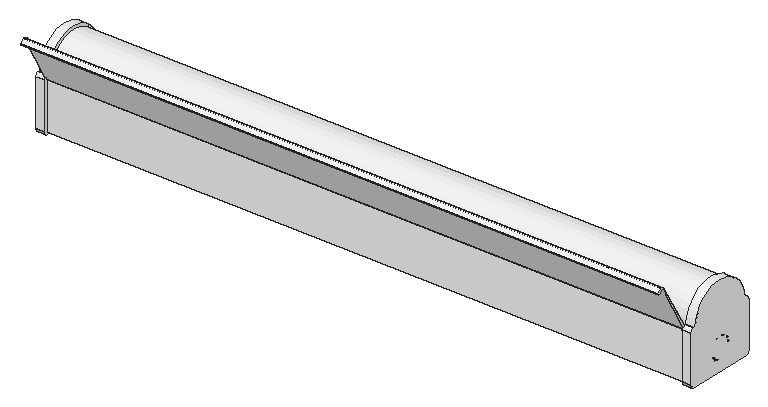
Revit family "0045176+0045232 Feilo Sylvania Lighting Fixture SYLBATTEN LED1 WW TP3 with ASYMMETRIC REFLECTOR ACCESSORY 600MM", category Lighting Fixtures, host Face, Revit 2017
Family settings
  Host = Face
  Round Connector Dimension = Use Diameter
  Part Type = Normal
  OmniClass Number = 23.80.70.00
  OmniClass Title = Lighting
  Cut with Voids When Loaded = No
  Light Source = Yes
  Shared = No
  Room Calculation Point = No
Parameters (values of type "0045176 SYLBATTEN LED1 WW TP3")
  Width_FEILO = 66 mm
  Weight = "1.254 kg"
  Wattage Comments = "n/a"
  Wattage = 11 W
  WarrantyStartDate [instance] = "n/a"
  WarrantyGuarantorParts = "n/a"
  WarrantyDurationUnit = "n/a"
  WarrantyDurationParts = "n/a"
  WarrantyDescription = "n/a"
  built-in parameter 1150110 = 1 (stored number, unit not read)
  Voltage = 230 V
  URL = "http://www.sylvania-lighting.com"
  TypeName = "SYLBATTEN LED1 WW TP3"
  Type Image = <None>
  Type Comments = "n/a"
  built-in parameter 1114217 = 1 (stored number, unit not read)
  Tilt Angle = -90.00°
  built-in parameter 1150109 = 1 (stored number, unit not read)
  built-in parameter 1150134 = (empty or 0)
  SymReflector_FEILO = no
  built-in parameter 1150113 = 1 (stored number, unit not read)
  SerialNumber [instance] = "n/a"
  PowerFactor = 0
  PowerConsumption = "11 W"
  Photometric Web File = "0045176+0045232.ies"
  NominalLength = 605 mm
  NominalHeight = 91 mm
  NominalDepth = 122 mm
  Name = "SYLBATTEN LED1 WW TP3"
  ModelReference = Name  # "SYLBATTEN LED1 WW TP3"
  ModelNumber = "0045176"
  Model = Name  # "SYLBATTEN LED1 WW TP3"
  Material_4_FEILO = Reflector-Sylvania-Sylbatten-White
  Material_3_FEILO = Diffuser-Sylvania-Sylbatten-Glow
  Material_2_FEILO = Body-Sylvania-Sylbatten-White
  Material_1_FEILO = Body-Sylvania-Sylbatten-White
  Material = "sheet steel housing, polycarbonate diffuser"
  ManufacturerName = "Feilo Sylvania"
  Manufacturer = "Feilo Sylvania"
  LuminousEfficacy = "92 lm/W"
  built-in parameter 1150105 = 80.532 (stored number, unit not read)
  Lumens = 1012 lm
  LuminaireType = ""
  built-in parameter 1150115 = 1 (stored number, unit not read)
  LightOutputRatio = "100"
  built-in parameter 1150137 = (empty or 0)
  built-in parameter 1150139 = (empty or 0)
  Length_FEILO = 605 mm
  LampsType = Lamp  # "LED"
  LampNominalLuminous = "1012 lm"
  LampMacAdamStep = "n/a"
  LampColourTemperature = "3000 K"
  LampColourRenderingIndex = "80"
  built-in parameter 1150112 = 1 (stored number, unit not read)
  built-in parameter 1150114 = 1 (stored number, unit not read)
  Lamp = "LED"
  Keynote = "16500"
  InstallationDate [instance] = "n/a"
  InputVoltage = "220-240V~"
  InputNominalFrequency = "n/a"
  built-in parameter 1150132 = (empty or 0)
  built-in parameter 1150102 = (empty or 0)
  built-in parameter 1150107 = 3000 (stored number, unit not read)
  built-in parameter 1150138 = (empty or 0)
  IngressProtection = "IP20"
  ImpactProtectionIndex = "IK07"
  built-in parameter 1150106 = 0.80532 (stored number, unit not read)
  IfcExportType = "IfcLightFixtureType"
  IfcExportAs = "IfcLightFixtureType"
  Height_FEILO = 76 mm
  ExpectedLife = 50000
  Emit from Rectangle Width = Length_FEILO - 16 mm  # 589 mm
  Emit from Rectangle Length = Width_FEILO - 40 mm  # 26 mm
  Emit Shape Visible in Rendering = no
  ElectricShockClassification = "Class I"
  built-in parameter 1150104 = 8.5471 (stored number, unit not read)
  DurationUnit = "hours"
  DocumentationLiterature = "http://www.sylvania-lighting.com/product/en-int/products/0045176"
  DimmingControlOptions = "n/a"
  Dimming Lamp Color Temperature Shift = <None>
  Description = "LED batten, T8 replacement, ease of installation through 2 part push-in design of the housing (safety cable included), through wiring capability (TP3 = 3 core), sheet steel, 1012LM, 11W, 92lm/W, 3000K, drive current: 350mA, CRI 80, 138° wide beam angle, electronic driver (non dimmable), IP20, IK07, 50,000 hrs (L70), (LxWxH) 605x66x76mm, 5 step MacAdam ellipse, 1.8kg, white RAL 9016, Class 1, 220-240V, energy class: A++, A+, A."
  Default Elevation = 1219.2 mm
  CreatedOn = "1/25/2018"
  CreatedBy = ""
  Cost = 0
  Color Filter = 16777215
  built-in parameter 1114216 [instance] = (empty or 0)
  ClassificationValue = "EF_70_80"
  ClassificationName = "Uniclass2015"
  CapOffset_FEILO = 2 mm
  BarCode [instance] = "n/a"
  built-in parameter 1114218 = 1 (stored number, unit not read)
  BackReflector_FEILO = and(not(AsymReflector_FEILO), SymReflector_FEILO)  # no
  built-in parameter 1150133 = 10 (stored number, unit not read)
  FrontReflector_FEILO = or(AsymReflector_FEILO, SymReflector_FEILO)  # yes
  AsymReflector_FEILO = yes
  AssetType = "Fixed"
  AssetIdentifier [instance] = "n/a"
  Assembly Code = "D5020200"
  Apparent Load = 11 VA
Reference planes
  plane 1 "Center (Front/Back)": y = 0
  plane 2: z = 0
  plane 3 "Center (Left/Right)": x = 0
  plane 4: x = 302.5
  plane 5: x = -302.5
  plane 6: y = 33
  plane 7: y = -33
  plane 8: z = 76
  plane 9: z = 47
  plane 10: y = -29
  plane 11: y = 29
  plane 12: z = 20
  plane 13: z = 74
  plane 14: y = -31
  plane 15: y = -27
  plane 16: y = 27
  plane 17: y = 31
  plane 18: z = 2
  plane 19: x = -294.5
  plane 20: x = 294.5
  plane 21: z = 49
  plane 22: y = 1
  plane 23: y = -1
  plane 24: z = 21
  plane 25: z = 19
  plane 26: y = -61
  plane 27: y = 61
  plane 28: y = -56
  plane 29: y = 56
  plane 30: z = 91
  plane 31: z = 88
Forms (mm)
  Extrusion 1, solid, material "Body-Sylvania-Sylbatten-White" <- "Material_2_FEILO"
    sketch origin (0, 0, 0) x (0, 1, 0) y (0, 0, 1)
      loop
        line (-31, 2) -> (31, 2) -> (31, 45)
        arc (31, 45) -> (30.414, 46.414) -> (29, 47) r 2
        line (29, 47) -> (27, 47)
        arc (27, 47) -> (0, 74) -> (-27, 47) r 27
        line (-27, 47) -> (-29, 47)
        arc (-29, 47) -> (-30.414, 46.414) -> (-31, 45) r 2
        line (-31, 45) -> (-31, 2)
    from -294.5 to 294.5
  Extrusion 2, solid, material "Body-Sylvania-Sylbatten-White" <- "Material_2_FEILO"
    sketch origin (302.5, 1524, 1219.2) x (0, 1, 0) y (0, 0, 1)
      loop
        arc (-1494, -1219.2) -> (-1491.879, -1218.321) -> (-1491, -1216.2) r 3
        line (-1491, -1216.2) -> (-1491, -1173.2)
        arc (-1491, -1173.2) -> (-1491.879, -1171.079) -> (-1494, -1170.2) r 3
        line (-1494, -1170.2) -> (-1495.069, -1170.2)
        arc (-1495.069, -1170.2) -> (-1524, -1143.2) -> (-1552.931, -1170.2) r 29
        line (-1552.931, -1170.2) -> (-1554, -1170.2)
        arc (-1554, -1170.2) -> (-1556.121, -1171.079) -> (-1557, -1173.2) r 3
        line (-1557, -1173.2) -> (-1557, -1216.2)
        arc (-1557, -1216.2) -> (-1556.121, -1218.321) -> (-1554, -1219.2) r 3
        line (-1554, -1219.2) -> (-1494, -1219.2)
      loop
        arc (-1525, -1189.25) -> (-1531.071, -1192.129) -> (-1533.95, -1198.2) r 10
        line (-1533.95, -1198.2) -> (-1532.944, -1198.2)
        arc (-1532.944, -1198.2) -> (-1530.364, -1192.836) -> (-1525, -1190.256) r 9
        line (-1525, -1190.256) -> (-1525, -1189.25)
      loop
        arc (-1523, -1190.256) -> (-1517.636, -1192.836) -> (-1515.056, -1198.2) r 9
        line (-1515.056, -1198.2) -> (-1514.05, -1198.2)
        arc (-1514.05, -1198.2) -> (-1516.929, -1192.129) -> (-1523, -1189.25) r 10
        line (-1523, -1189.25) -> (-1523, -1190.256)
      loop
        line (-1532.944, -1200.2) -> (-1533.95, -1200.2)
        arc (-1533.95, -1200.2) -> (-1531.071, -1206.271) -> (-1525, -1209.15) r 10
        line (-1525, -1209.15) -> (-1525, -1208.144)
        arc (-1525, -1208.144) -> (-1530.364, -1205.564) -> (-1532.944, -1200.2) r 9
      loop
        arc (-1515.056, -1200.2) -> (-1517.636, -1205.564) -> (-1523, -1208.144) r 9
        line (-1523, -1208.144) -> (-1523, -1209.15)
        arc (-1523, -1209.15) -> (-1516.929, -1206.271) -> (-1514.05, -1200.2) r 10
        line (-1514.05, -1200.2) -> (-1515.056, -1200.2)
    from 0 to -8
  Extrusion 3, solid, material "Body-Sylvania-Sylbatten-White" <- "Material_2_FEILO"
    sketch origin (-302.5, 1524, 1219.2) x (0, 1, 0) y (0, 0, 1)
      loop
        arc (-1495.069, -1170.2) -> (-1524, -1143.2) -> (-1552.931, -1170.2) r 29
        line (-1552.931, -1170.2) -> (-1554, -1170.2)
        arc (-1554, -1170.2) -> (-1556.121, -1171.079) -> (-1557, -1173.2) r 3
        line (-1557, -1173.2) -> (-1557, -1216.2)
        arc (-1557, -1216.2) -> (-1556.121, -1218.321) -> (-1554, -1219.2) r 3
        line (-1554, -1219.2) -> (-1494, -1219.2)
        arc (-1494, -1219.2) -> (-1491.879, -1218.321) -> (-1491, -1216.2) r 3
        line (-1491, -1216.2) -> (-1491, -1173.2)
        arc (-1491, -1173.2) -> (-1491.879, -1171.079) -> (-1494, -1170.2) r 3
        line (-1494, -1170.2) -> (-1495.069, -1170.2)
      loop
        line (-1533.95, -1198.2) -> (-1532.944, -1198.2)
        arc (-1532.944, -1198.2) -> (-1530.364, -1192.836) -> (-1525, -1190.256) r 9
        line (-1525, -1190.256) -> (-1525, -1189.25)
        arc (-1525, -1189.25) -> (-1531.071, -1192.129) -> (-1533.95, -1198.2) r 10
      loop
        line (-1523, -1189.25) -> (-1523, -1190.256)
        arc (-1523, -1190.256) -> (-1517.636, -1192.836) -> (-1515.056, -1198.2) r 9
        line (-1515.056, -1198.2) -> (-1514.05, -1198.2)
        arc (-1514.05, -1198.2) -> (-1516.929, -1192.129) -> (-1523, -1189.25) r 10
      loop
        line (-1514.05, -1200.2) -> (-1515.056, -1200.2)
        arc (-1515.056, -1200.2) -> (-1517.636, -1205.564) -> (-1523, -1208.144) r 9
        line (-1523, -1208.144) -> (-1523, -1209.15)
        arc (-1523, -1209.15) -> (-1516.929, -1206.271) -> (-1514.05, -1200.2) r 10
      loop
        line (-1525, -1209.15) -> (-1525, -1208.144)
        arc (-1525, -1208.144) -> (-1530.364, -1205.564) -> (-1532.944, -1200.2) r 9
        line (-1532.944, -1200.2) -> (-1533.95, -1200.2)
        arc (-1533.95, -1200.2) -> (-1531.071, -1206.271) -> (-1525, -1209.15) r 10
    from 0 to 8
  Extrusion 4, solid, material "Reflector-Sylvania-Sylbatten-White" <- "Material_4_FEILO", visible <- "FrontReflector_FEILO"
    sketch origin (0, 0, 0) x (0, 1, 0) y (0, 0, 1)
      loop
        line (-61.257, 88.429) -> (-60.743, 87.571) -> (-56.621, 90.044)
        arc (-56.621, 90.044) -> (-56.237, 90.099) -> (-55.929, 89.863) r 0.5
        line (-55.929, 89.863) -> (-31.435, 46.753) -> (-30.565, 47.247) -> (-55.312, 90.802)
        arc (-55.312, 90.802) -> (-55.928, 91.275) -> (-56.696, 91.165) r 1
        line (-56.696, 91.165) -> (-61.257, 88.429)
    from -294.5 to 294.5
  Extrusion 5, solid, material "Reflector-Sylvania-Sylbatten-White" <- "Material_4_FEILO", visible <- "BackReflector_FEILO"
    sketch origin (0, 0, 0) x (0, 1, 0) y (0, 0, 1)
      loop
        line (30.565, 47.247) -> (31.435, 46.753) -> (55.932, 89.868)
        arc (55.932, 89.868) -> (56.245, 90.112) -> (56.638, 90.062) r 0.518
        line (56.638, 90.062) -> (61.033, 87.565) -> (61.527, 88.435) -> (56.682, 91.188)
        arc (56.682, 91.188) -> (55.922, 91.282) -> (55.318, 90.812) r 1
        line (55.318, 90.812) -> (30.565, 47.247)
    from -294.5 to 294.5
Lines and regions (mm)
  reference lines
    curve 1: line (0, -61, 88) -> (0, -56, 91)
    curve 2: line (0, -56, 91) -> (0, -31, 47)
    curve 3: line (0, 31, 47) -> (0, 56, 91)
    curve 4: line (0, 56, 91) -> (0, 61.28, 88)
Dimensions and locks
  equal spacing: plane 5, plane 3 "Center (Left/Right)", plane 4
  equal spacing: plane 7, plane 1 "Center (Front/Back)", plane 6
  "Width_FEILO": plane 7 to plane 6
  "Length_FEILO": plane 5 to plane 4
  "Height_FEILO": plane 8 to plane 2
  locked: plane 9 to plane 8 at 29
  equal spacing: plane 10, plane 1 "Center (Front/Back)", plane 11
  locked: plane 7 to plane 10 at 4
  locked: plane 12 to plane 2 at 20
  "CapOffset_FEILO": plane 13 to plane 8
  "CapOffset_FEILO": plane 7 to plane 14
  "CapOffset_FEILO": plane 10 to plane 15
  "CapOffset_FEILO": plane 17 to plane 6
  "CapOffset_FEILO": plane 16 to plane 11
  "CapOffset_FEILO": plane 18 to plane 2
  locked: plane 14 to Extrusion 1 sketch curve at 2
  locked: Extrusion 1 sketch curve to plane 9 at 2  (x2)
  locked: plane 16 to Extrusion 1 sketch curve at 2
  equal spacing: plane 19, plane 3 "Center (Left/Right)", plane 20
  locked: plane 5 to plane 19 at 8
  "CapOffset_FEILO": plane 9 to plane 21
  locked: Extrusion 2 sketch curve to plane 2 at 47
  locked: Extrusion 1 sketch curve to plane 2 at 47
  locked: Extrusion 2 sketch curve to plane 2 at 3  (x2)
  locked: plane 7 to Extrusion 2 sketch curve at 3  (x2)
  locked: Extrusion 2 sketch curve to plane 6 at 3  (x2)
  locked: Extrusion 2 sketch curve to plane 21 at 3  (x2)
  equal spacing: plane 23, plane 1 "Center (Front/Back)", plane 22
  equal spacing: plane 25, plane 12, plane 24
  plane 30 to plane 31 to plane 2 = 3 mm locked, 88 mm locked
  plane 28 to plane 29 = 112 mm
  plane 26 to plane 27 = 122 mm
  aligned and locked: plane 2 to host face
  aligned and locked: level to host face
  aligned and locked: plane 18 to Extrusion 1 sketch curve
  aligned and locked: plane 14 to Extrusion 1 sketch curve
  aligned and locked: Extrusion 1 sketch curve to plane 9  (x2)
  aligned and locked: Extrusion 1 sketch curve to plane 17
  aligned and locked: plane 15 to Extrusion 1 sketch curve
  aligned and locked: plane 16 to Extrusion 1 sketch curve
  aligned and locked: plane 9 to Extrusion 1 sketch curve
  aligned and locked: plane 20 to Extrusion 1
  aligned and locked: level to Extrusion 2 sketch curve
  aligned and locked: Extrusion 2 sketch curve to plane 7
  aligned and locked: plane 21 to Extrusion 2 sketch curve
  aligned and locked: Extrusion 2 sketch curve to plane 21
  aligned and locked: plane 1 "Center (Front/Back)" to Extrusion 2 sketch curve  (x3)
  aligned and locked: Extrusion 2 to Extrusion 1
  aligned and locked: plane 4 to Extrusion 2
  aligned and locked: plane 12 to Extrusion 2 sketch curve  (x2)
  aligned and locked: Extrusion 2 sketch curve to plane 22
  aligned and locked: Extrusion 2 sketch curve to plane 23
  aligned and locked: Extrusion 2 sketch curve to plane 24
  aligned and locked: Extrusion 2 sketch curve to plane 25
  aligned and locked: plane 25 to Extrusion 2 sketch curve
  aligned and locked: plane 22 to Extrusion 2 sketch curve
  aligned and locked: plane 24 to Extrusion 2 sketch curve
  aligned and locked: plane 23 to Extrusion 2 sketch curve  (x2)
  aligned and locked: Extrusion 3 sketch curve to Extrusion 2  (x22)
  aligned and locked: Extrusion 3 to Extrusion 1
  aligned and locked: Extrusion 3 to plane 5
  aligned and locked: plane 19 to Extrusion 3
  aligned and locked: plane 31 to curve 1
  aligned and locked: plane 30 to curve 1
  aligned and locked: plane 14 to curve 2
  aligned and locked: plane 9 to curve 2
  aligned and locked: plane 17 to curve 3
  aligned and locked: plane 30 to curve 3
  aligned and locked: plane 31 to curve 4
  aligned and locked: Extrusion 4 sketch curve to curve 2
  aligned and locked: Extrusion 4 sketch curve to curve 1
  aligned and locked: Extrusion 4 to Extrusion 1
  aligned and locked: Extrusion 1 to Extrusion 4
  aligned and locked: imposter light to plane 1 "Center (Front/Back)"
  aligned and locked: imposter light to plane 3 "Center (Left/Right)"
  aligned and locked: imposter light to plane 13
  aligned and locked: Extrusion 5 sketch curve to curve 4
  aligned and locked: Extrusion 5 sketch curve to curve 3
  aligned and locked: Extrusion 1 to Extrusion 5
  aligned and locked: Extrusion 5 to Extrusion 1
Automatic sketch dimensions
  host sketch curve to host sketch curve = 2438.4 mm  (x2)
  Extrusion 2 sketch curve to Extrusion 2 sketch curve = 0 mm  (x14)
  Extrusion 2 sketch curve to plane 10 = 0.069 mm
  plane 23 to Extrusion 2 sketch curve = 8.95 mm
  Extrusion 2 sketch curve to Extrusion 2 sketch curve = 1.006 mm  (x4)
  Extrusion 2 sketch curve to plane 22 = 7.944 mm
  curve 1 to plane 26 = 0 mm
  curve 2 to plane 28 = 0 mm
  curve 4 to plane 29 = 0 mm
  plane 9 to curve 3 = 0 mm
  plane 26 to Extrusion 4 sketch curve = 0.257 mm
  Extrusion 4 sketch curve to plane 26 = 0.257 mm
  Extrusion 4 sketch curve to plane 30 = 0.165 mm
  plane 28 to Extrusion 4 sketch curve = 0.696 mm
  plane 28 to Extrusion 4 sketch curve = 0.621 mm
  plane 28 to Extrusion 4 sketch curve = 0.364 mm
  plane 28 to Extrusion 4 sketch curve = 0.182 mm
  Extrusion 4 sketch curve to plane 28 = 0.071 mm
  plane 30 to Extrusion 4 sketch curve = 0.198 mm
  Extrusion 4 sketch curve to plane 28 = 0.688 mm
  plane 9 to Extrusion 4 sketch curve = 0.247 mm
  plane 1 "Center (Front/Back)" to Extrusion 4 sketch curve = 31.435 mm
  Extrusion 5 sketch curve to plane 9 = 0.247 mm
  Extrusion 5 sketch curve to plane 1 "Center (Front/Back)" = 30.565 mm
  plane 9 to Extrusion 5 sketch curve = 0.247 mm
  plane 30 to Extrusion 5 sketch curve = 0.188 mm
  plane 29 to Extrusion 5 sketch curve = 0.068 mm
  Extrusion 5 sketch curve to plane 29 = 0.188 mm
  Extrusion 5 sketch curve to plane 29 = 0.382 mm
  Extrusion 5 sketch curve to Extrusion 5 sketch curve = 0.256 mm
  Extrusion 5 sketch curve to plane 30 = 0.188 mm
  Extrusion 5 sketch curve to plane 29 = 0.682 mm
  Extrusion 5 sketch curve to plane 27 = 0.033 mm
  Extrusion 5 sketch curve to plane 27 = 0.527 mm
Connectors
  electrical at (0, 0, 0), driven by "Apparent Load", driven by "PowerFactor", driven by "Voltage"
    settings: index 1, voltage 230 V, apparent load 11 VA, apparent load phase1 0 VA, apparent load phase2 0 VA, apparent load phase3 0 VA, power factor 0, load classification "Lighting", number of poles 1, system type 30, power factor state 1, is connector primary yes, connector utility no, sub classification motor no, connector description ""
